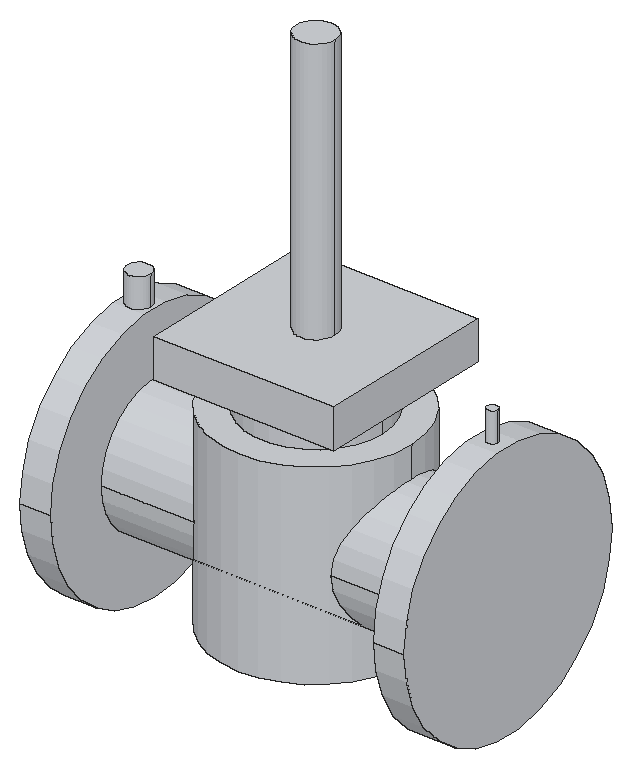
Revit family "OPTIMA_Compact_FLANGE_PN25_DN125-LF_RFA_2018", category Pipe Accessories, Revit 2018
Family settings
  Round Connector Dimension = Use Diameter
  Part Type = Valve - Breaks Into
  Work Plane-Based = No
  Always vertical = Yes
  Cut with Voids When Loaded = No
  Shared = No
Parameters (values of type "Optima Compact Flange PN25 DN125 LF")
  magiProductId = "Frese Optima Flange DN125 LF"
  magiProductFamilyId = "Frese Optima Flange *"
  magiPartTypeId = 304
  isMeasuringValve [instance] = no
  ang2D [instance] = 0.00°
  W2D = 50 mm
  VersionID = "2.0/2018.8.28.1/FRESE_OPTIMA_FLANGE_Q13_002"
  Use Minimum Symbol Size [instance] = yes
  URL = "www.hydronic.cz"
  Type Comments = "Přírubový; PN25; 0~120°C, s měřením"
  R4 = 70 mm
  R3 = 70.2 mm
  R1 = 100 mm
  QmdConnectorList = "301;D;302;D"
  Productdata [instance] = ""
  Manufacturer = "Hydronic Systems Prague s.r.o."
  MC Product Code = "53-1224 (DN125 LF; 40mm; pohon min 1000N; Qmin-dpmin 18500l/h-16.0kPa; Qmax-dpmin 110000l/h-35.0kPa; dpmax 800kPa)"
  MC Piping Given Pressure Drop [instance] = 0.0 Pa
  LF__ve = -LF  # -32 mm
  LF2 = 16 mm
  LF = 32 mm
  L4 = 188 mm
  L3 = 336 mm
  L2D_Min = 3048 mm
  L2D = 230 mm
  L2 = 200 mm
  H6 = 275.5 mm
  H4 = 40.5 mm
  H3 = 33.75 mm
  H2 = 101.25 mm
  H1 = 202.5 mm
  Description = "Tlakově nezávislý 2-cestný regulační vyvažovací ventil (PICV)"
  DF2 = 135 mm
  D = 125 mm
  CAT0 = yes
Types (14, lengths in mm): name | magiProductId | magiProductFamilyId | W2D | Type Comments | R4 | R3 | R1 | MC Product Code | LF__ve | LF2 | LF | L4 | L3 | L2D | L2 | H6 | H4 | H3 | H2 | H1 | DF2 | D
  Optima Compact Flange PN25 DN050 LF | "Frese Optima Flange DN050 LF" | "Frese Optima Flange *" | 50 | "Přírubový; PN25; 0~120°C, s měřením" | 40.3 | 42.9 | 57.5 | "53-1220 (DN50 LF; 20mm; pohon min 1000N; Qmin-dpmin 2500l/h-6.5kPa; Qmax-dpmin 15000l/h-20.0kPa; dpmax 800kPa)" | -18.4 | 9.2 | 18.4 | 108.1 | 193.2 | 230 | 115 | 157.3 | 24.8 | 20.6 | 61.9 | 123.8 | 82.5 | 50
  Optima Compact Flange PN25 DN050 HF | "Frese Optima Flange DN050 HF" | "Frese Optima Flange *" | 50 | "Přírubový; PN25; 0~120°C, s měřením" | 40.25 | 42.9 | 57.5 | "53-1230 (DN50 HF; 20mm; pohon min 1000N; Qmin-dpmin 3900l/h-19.0kPa; Qmax-dpmin 24000l/h-50.0kPa; dpmax 800kPa)" | -18.4 | 9.2 | 18.4 | 108.1 | 193.2 | 230 | 115 | 157.25 | 24.75 | 20.625 | 61.875 | 123.75 | 82.5 | 50
  Optima Compact Flange PN25 DN065 LF | "Frese Optima Flange DN065 LF" | "Frese Optima Flange *" | 50 | "Přírubový; PN25; 0~120°C, s měřením" | 50.75 | 48.1 | 72.5 | "53-1221 (DN65 LF; 20mm; pohon min 1000N; Qmin-dpmin 4400l/h-15.0kPa; Qmax-dpmin 25000l/h-25.0kPa; dpmax 800kPa)" | -23.2 | 11.6 | 23.2 | 136.3 | 243.6 | 230 | 145 | 171.25 | 27.75 | 23.125 | 69.375 | 138.75 | 92.5 | 65
  Optima Compact Flange PN25 DN065 HF | "Frese Optima Flange DN065 HF" | "Frese Optima Flange *" | 50 | "Přírubový; PN25; 0~120°C, s měřením" | 50.75 | 48.1 | 72.5 | "53-1231 (DN65 HF; 20mm; pohon min 1000N; Qmin-dpmin 6000l/h-30.0kPa; Qmax-dpmin 35000l/h-55.0kPa; dpmax 800kPa)" | -23.2 | 11.6 | 23.2 | 136.3 | 243.6 | 230 | 145 | 171.25 | 27.75 | 23.125 | 69.375 | 138.75 | 92.5 | 65
  Optima Compact Flange PN25 DN080 LF | "Frese Optima Flange DN080 LF" | "Frese Optima Flange *" | 50 | "Přírubový; PN25; 0~120°C, s měřením" | 54.25 | 52 | 77.5 | "53-1222 (DN80 LF; 20mm; pohon min 1000N; Qmin-dpmin 5300l/h-16.0kPa; Qmax-dpmin 34000l/h-25.0kPa; dpmax 800kPa)" | -24.8 | 12.4 | 24.8 | 145.7 | 260.4 | 230 | 155 | 183 | 30 | 25 | 75 | 150 | 100 | 80
  Optima Compact Flange PN25 DN080 HF | "Frese Optima Flange DN080 HF" | "Frese Optima Flange *" | 50 | "Přírubový; PN25; 0~120°C, s měřením" | 54.25 | 52 | 77.5 | "53-1232 (DN80 HF; 20mm; pohon min 1000N; Qmin-dpmin 7000l/h-23.0kPa; Qmax-dpmin 43000l/h-50.0kPa; dpmax 800kPa)" | -24.8 | 12.4 | 24.8 | 145.7 | 260.4 | 230 | 155 | 183 | 30 | 25 | 75 | 150 | 100 | 80
  Optima Compact Flange PN25 DN100 LF | "Frese Optima Flange DN100 LF" | "Frese Optima Flange *" | 50 | "Přírubový; PN25; 0~120°C, s měřením" | 61.25 | 61.1 | 87.5 | "53-1223 (DN100 LF; 40mm; pohon min 1000N; Qmin-dpmin 12100l/h-20.0kPa; Qmax-dpmin 68000l/h-35.0kPa; dpmax 800kPa)" | -28 | 14 | 28 | 164.5 | 294 | 230 | 175 | 268.75 | 35.25 | 29.375 | 88.125 | 176.25 | 117.5 | 100
  Optima Compact Flange PN25 DN100 HF | "Frese Optima Flange DN100 HF" | "Frese Optima Flange *" | 50 | "Přírubový; PN25; 0~120°C, s měřením" | 61.25 | 61.1 | 87.5 | "53-1233 (DN100 HF; 40mm; pohon min 1000N; Qmin-dpmin 14800l/h-30.0kPa; Qmax-dpmin 90000l/h-75.0kPa; dpmax 800kPa)" | -28 | 14 | 28 | 164.5 | 294 | 230 | 175 | 268.75 | 35.25 | 29.375 | 88.125 | 176.25 | 117.5 | 100
  Optima Compact Flange PN25 DN125 LF | "Frese Optima Flange DN125 LF" | "Frese Optima Flange *" | 50 | "Přírubový; PN25; 0~120°C, s měřením" | 70 | 70.2 | 100 | "53-1224 (DN125 LF; 40mm; pohon min 1000N; Qmin-dpmin 18500l/h-16.0kPa; Qmax-dpmin 110000l/h-35.0kPa; dpmax 800kPa)" | -32 | 16 | 32 | 188 | 336 | 230 | 200 | 275.5 | 40.5 | 33.75 | 101.25 | 202.5 | 135 | 125
  Optima Compact Flange PN25 DN125 HF | "Frese Optima Flange DN125 HF" | "Frese Optima Flange *" | 50 | "Přírubový; PN25; 0~120°C, s měřením" | 70 | 70.2 | 100 | "53-1234 (DN125 HF; 40mm; pohon min 1000N; Qmin-dpmin 23000l/h-27.0kPa; Qmax-dpmin 135000l/h-53.0kPa; dpmax 800kPa)" | -32 | 16 | 32 | 188 | 336 | 230 | 200 | 275.5 | 40.5 | 33.75 | 101.25 | 202.5 | 135 | 125
  Optima Compact Flange PN25 DN150 LF | "Frese Optima Flange DN150 LF" | "Frese Optima Flange *" | 50 | "Přírubový; PN25; 0~110°C, s měřením" | 84 | 74.1 | 120 | "53-1225 (DN150 LF; 43mm; pohon min 1500N; Qmin-dpmin 25600l/h-21.0kPa; Qmax-dpmin 148000l/h-35.0kPa; dpmax 800kPa)" | -38.4 | 19.2 | 38.4 | 225.6 | 403.2 | 230 | 240 | 279.25 | 42.75 | 35.625 | 106.875 | 213.75 | 142.5 | 150
  Optima Compact Flange PN25 DN150 HF | "Frese Optima Flange DN150 HF" | "Frese Optima Flange *" | 50 | "Přírubový; PN25; 0~110°C, s měřením" | 84 | 74.1 | 120 | "53-1235 (DN150 HF; 43mm; pohon min 1500N; Qmin-dpmin 32000l/h-33.0kPa; Qmax-dpmin 195000l/h-65.0kPa; dpmax 800kPa)" | -38.4 | 19.2 | 38.4 | 225.6 | 403.2 | 230 | 240 | 279.25 | 42.75 | 35.625 | 106.875 | 213.75 | 142.5 | 150
  Optima Compact Flange PN25 DN200 LF | "" | "" | 100 | "Přírubový; PN25; 0~110°C, s měřením" | 164.5 | 98.8 | 235 | "53-1226 (DN200 LF; 43mm; pohon min 1500N; Qmin-dpmin 95000l/h-11.0kPa; Qmax-dpmin 210000l/h-32.0kPa; dpmax 800kPa)" | -48 | 24 | 48 | 282 | 504 | 350 | 300 | 281 | 57 | 15 | 209 | 380 | 190 | 200
  Optima Compact Flange PN25 DN200 HF | "" | "" | 100 | "Přírubový; PN25; 0~110°C, s měřením" | 164.5 | 98.8 | 235 | "53-1236 (DN200 HF; 43mm; pohon min 1500N; Qmin-dpmin 130000l/h-31.0kPa; Qmax-dpmin 280000l/h-78.0kPa; dpmax 800kPa)" | -48 | 24 | 48 | 282 | 504 | 350 | 300 | 281 | 57 | 15 | 209 | 380 | 190 | 200
Reference planes
  plane 1 "Center (Front/Back)": y = 0
  plane 2 "XYPLANE": z = 0
  plane 3 "Center (Left/Right)": x = 0
  plane 4 "157": x = 184
  plane 5 "156": x = -184
  plane 6 "155": z = 135
  plane 7 "154": z = 175.5
  plane 8 "153": z = 135
  plane 9 "152": z = 101.25
  plane 10 "151": x = -168
  plane 11 "150": z = -101.25
  plane 12 "149": x = 0
  plane 13 "148": y = 0
  plane 14 "147": z = 0
  plane 15 "146": x = -200
  plane 16 "145": x = 200
Forms (mm)
  Extrusion 1, solid, visible <- "CAT0"
    sketch origin (-750, 0, 135) x (1, 0, 0) y (0, 1, 0)
      loop
        circle (934, 0) r 5.5
    from 0 to 30
  Extrusion 2, solid, visible <- "CAT0"
    sketch origin (-750, 0, 135) x (1, 0, 0) y (0, 1, 0)
      loop
        circle (566, 0) r 12.3
    from 0 to 30
  Extrusion 3, solid, visible <- "CAT0"
    sketch origin (-750, 0, 175.5) x (1, 0, 0) y (0, 1, 0)
      loop
        circle (750, 0) r 20
    from 0 to 275.5 <- "H6"
  Extrusion 4, solid, visible <- "CAT0"
    sketch origin (-750, 0, 135) x (1, 0, 0) y (0, 1, 0)
      loop
        line (844, 94) -> (656, 94) -> (656, -94) -> (844, -94) -> (844, 94)
    from 0 to 40.5 <- "H4"
  Extrusion 5, solid, visible <- "CAT0"
    sketch origin (-750, 0, 101.25) x (1, 0, 0) y (0, 1, 0)
      loop
        circle (750, 0) r 70
    from 0 to 33.75 <- "H3"
  Extrusion 6, solid, visible <- "CAT0"
    sketch origin (-168, -750, 0) x (0, 1, 0) y (0, 0, 1)
      loop
        circle (750, 0) r 70.2
    from 0 to 336 <- "L3"
  Extrusion 7, solid, visible <- "CAT0"
    sketch origin (-750, 0, -101.25) x (1, 0, 0) y (0, 1, 0)
      loop
        circle (750, 0) r 100
    from 0 to 202.5 <- "H1"
  Extrusion 8, solid, visible <- "CAT0"
    sketch origin (-200, -750, 0) x (0, 1, 0) y (0, 0, 1)
      loop
        circle (750, 0) r 135
    from 0 to 32 <- "LF"
  Extrusion 9, solid, visible <- "CAT0"
    sketch origin (200, -750, 0) x (0, 1, 0) y (0, 0, 1)
      loop
        circle (750, 0) r 135
    from 0 to -32 <- "LF__ve"
  Extrusion 10, solid, not visible
    sketch origin (-200, -750, 0) x (0, 1, 0) y (0, 0, 1)
      loop
        circle (750, 0) r 10
    from 0 to 10
  Extrusion 11, solid, not visible
    sketch origin (200, -750, 0) x (0, 1, 0) y (0, 0, 1)
      loop
        circle (750, 0) r 10
    from 0 to -10
Lines and regions (mm)
  reference lines, not visible
    curve 1: circle (2, 2, 0) r 1 normal (0, 0, 1)
  reference lines
    curve 2: circle (0, 0, 135) r 1 normal (0, 0, 1)
Dimensions and locks
  plane 1 "Center (Front/Back)" to curve 1 = 2 mm
  "LF2": plane 16 "145" to plane 4 "157"
  "LF2": plane 15 "146" to plane 5 "156"
  "DF2": plane 2 "XYPLANE" to plane 6 "155"
  "H4": plane 8 "153" to plane 7 "154"
  "H3": plane 9 "152" to plane 8 "153"
  "H1": plane 11 "150" to plane 9 "152"
  "LF": plane 15 "146" to plane 10 "151"
  "H2": plane 2 "XYPLANE" to plane 11 "150"
  locked: plane 3 "Center (Left/Right)" to plane 12 "149"
  locked: plane 1 "Center (Front/Back)" to plane 13 "148"
  locked: plane 2 "XYPLANE" to plane 14 "147"
  "L2": plane 3 "Center (Left/Right)" to plane 15 "146"
  "L2": plane 3 "Center (Left/Right)" to plane 16 "145"
  equal spacing: Extrusion 4 sketch curve, curve 2, Extrusion 4 sketch curve  (x2)
  "L4": Extrusion 4 sketch curve to Extrusion 4 sketch curve  (x2)
  Extrusion 4 sketch curve to Extrusion 4 sketch curve = 0 mm  (x8)
  "R4": radius of Extrusion 5 sketch curve
  "R3": radius of Extrusion 6 sketch curve
  "R1": radius of Extrusion 7 sketch curve
  "DF2": radius of Extrusion 8 sketch curve
  "DF2": radius of Extrusion 9 sketch curve
  aligned and locked: level to plane 2 "XYPLANE"
  aligned and locked: plane 4 "157" to Extrusion 1 sketch curve
  aligned and locked: plane 13 "148" to Extrusion 1 sketch curve
  aligned and locked: plane 5 "156" to Extrusion 2 sketch curve
  aligned and locked: plane 13 "148" to Extrusion 2 sketch curve
  aligned and locked: plane 12 "149" to Extrusion 3 sketch curve
  aligned and locked: plane 13 "148" to Extrusion 3 sketch curve
  aligned and locked: plane 12 "149" to curve 2
  aligned and locked: plane 13 "148" to curve 2
  aligned and locked: plane 12 "149" to Extrusion 5 sketch curve
  aligned and locked: plane 13 "148" to Extrusion 5 sketch curve
  aligned and locked: Extrusion 6 sketch curve to plane 13 "148"
  aligned and locked: plane 14 "147" to Extrusion 6 sketch curve
  aligned and locked: plane 12 "149" to Extrusion 7 sketch curve
  aligned and locked: plane 13 "148" to Extrusion 7 sketch curve
  aligned and locked: Extrusion 8 sketch curve to plane 13 "148"
  aligned and locked: plane 14 "147" to Extrusion 8 sketch curve
  aligned and locked: Extrusion 9 sketch curve to plane 13 "148"
  aligned and locked: plane 14 "147" to Extrusion 9 sketch curve
  aligned and locked: Extrusion 10 sketch curve to plane 13 "148"
  aligned and locked: plane 14 "147" to Extrusion 10 sketch curve
  aligned and locked: Extrusion 11 sketch curve to plane 13 "148"
  aligned and locked: plane 14 "147" to Extrusion 11 sketch curve
Automatic sketch dimensions
  Extrusion 1 sketch curve to plane 4 "157" = 5.5 mm
  plane 15 "146" to Extrusion 2 sketch curve = 3.7 mm
  Extrusion 3 sketch curve to plane 3 "Center (Left/Right)" = 20 mm
  plane 1 "Center (Front/Back)" to Extrusion 10 sketch curve = 10 mm
  plane 1 "Center (Front/Back)" to Extrusion 11 sketch curve = 10 mm
  plane 3 "Center (Left/Right)" to curve 1 = 2 mm
  plane 10 "151" to Extrusion 4 sketch curve = 74 mm
  plane 1 "Center (Front/Back)" to Extrusion 4 sketch curve = 94 mm
  radius of curve 2 = 1 mm
  radius of curve 1 = 1 mm
Connectors
  piping at (-200, 0, 0), diameter 125, driven by "D"
    settings: on Extrusion 10, index 1, connector inside diameter 609.6 mm, connector length 0 mm, flow factor 0, pipe flow 0.0 L/s, pressure drop 0.0 Pa, fitting loss kfactor 0, connector angle 0.00°, fixture units 0, engagement length 0 mm, angle of deflection 0.00°, flow configuration 0, flow direction 0, fitting loss method 0, system type 29, joint type 0, gender type 0, connector reference index 2, connector utility 0, adjustable connector no, is connector primary yes, connector description ""
  piping at (200, 0, 0), diameter 125, driven by "D"
    settings: on Extrusion 11, index 2, connector inside diameter 609.6 mm, connector length 0 mm, flow factor 0, pipe flow 0.0 L/s, pressure drop 0.0 Pa, fitting loss kfactor 0, connector angle 0.00°, fixture units 0, engagement length 0 mm, angle of deflection 0.00°, flow configuration 0, flow direction 0, fitting loss method 0, system type 29, joint type 0, gender type 0, connector reference index 1, connector utility 0, adjustable connector no, is connector primary no, connector description ""
